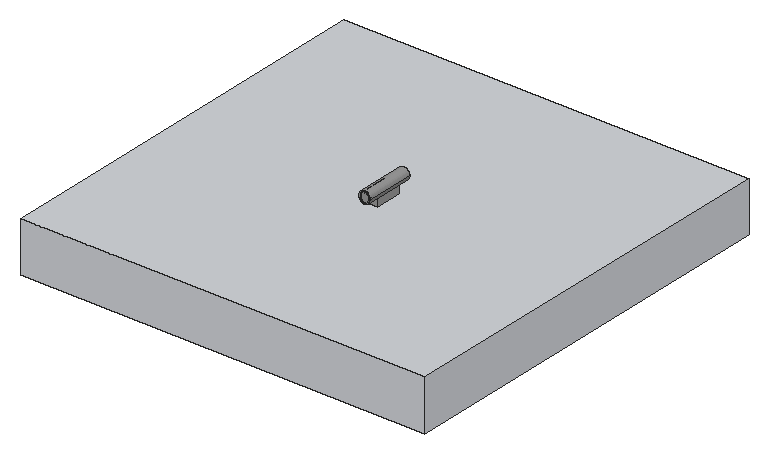
Revit family "LAMP_LUP WALL 70 DIRECT", category Luminarias, Revit 2018 (continued)
Parameters (values of type "665LM 3000 ASYM BLACK")
    0 \r\n0.00 0.00 0.00 0.00 0.00 0.00 0.00 0.00 0.00 0.00 0.00 \r\n0.00 0.00 0.00 0.00 0.00 0.00 0.00 0.00 0.00 0.00 0.00 \r\n455.10 414.94 378.75 342.63 307.46 274.89 245.84 218.98 \r\n194.78 173.49 154.02 136.20 120.00 106.12 93.46 81.88 \r\n69.36 57.87 47.58 39.34 32.85 27.97 23.07 18.84 15.28 \r\n12.77 10.76 9.28 8.30 7.34 6.38 5.43 4.63 3.98 3.42 2.92 \r\n2.46 2.11 1.82 1.56 1.28 0.95 0.59 0.32 0.17 0.00 0.00 \r\n0.00 0.00 0.00 0.00 0.00 0.00 0.00 0.00 0.00 0.00 0.00 \r\n0.00 0.00 0.00 0.00 0.00 0.00 0.00 0.00 0.00 0.00 0.00 \r\n0.00 0.00 0.00 0.00 0.00 0.00 0.00 0.00 0.00 0.00 0.00 \r\n0.00 0.00 0.00 0.00 0.00 0.00 0.00 0.00 0.00 0.00 0.00 \r\n455.10 411.86 372.96 334.86 297.56 263.30 232.58 204.60 \r\n179.43 157.30 137.51 119.93 104.39 92.20 81.48 71.92 \r\n61.81 52.47 44.18 37.26 31.58 27.05 22.40 18.37 15.00 \r\n12.54 10.60 9.14 8.19 7.24 6.27 5.34 4.56 3.92 3.38 2.88 \r\n2.44 2.10 1.82 1.57 1.30 0.96 0.60 0.32 0.16 0.00 0.00 \r\n0.00 0.00 0.00 0.00 0.00 0.00 0.00 0.00 0.00 0.00 0.00 \r\n0.00 0.00 0.00 0.00 0.00 0.00 0.00 0.00 0.00 0.00 0.00 \r\n0.00 0.00 0.00 0.00 0.00 0.00 0.00 0.00 0.00 0.00 0.00 \r\n0.00 0.00 0.00 0.00 0.00 0.00 0.00 0.00 0.00 0.00 0.00 \r\n455.10 408.83 367.33 327.16 287.82 251.83 219.38 190.15 \r\n164.08 141.12 121.05 103.41 88.66 78.20 69.45 61.78 54.09 \r\n47.09 40.77 35.15 30.30 26.14 21.73 17.90 14.71 12.32 \r\n10.43 9.00 8.08 7.13 6.15 5.24 4.49 3.88 3.34 2.84 2.41 \r\n2.09 1.83 1.59 1.31 0.97 0.60 0.32 0.16 0.00 0.00 0.00 \r\n0.00 0.00 0.00 0.00 0.00 0.00 0.00 0.00 0.00 0.00 0.00 \r\n0.00 0.00 0.00 0.00 0.00 0.00 0.00 0.00 0.00 0.00 0.00 \r\n0.00 0.00 0.00 0.00 0.00 0.00 0.00 0.00 0.00 0.00 0.00 \r\n0.00 0.00 0.00 0.00 0.00 0.00 0.00 0.00 0.00 0.00 \r\n455.10 405.84 362.02 319.55 278.26 240.51 206.54 176.46 \r\n149.42 125.26 104.52 86.85 72.52 64.39 57.56 51.83 46.54 \r\n41.69 37.32 33.06 29.03 25.22 21.06 17.43 14.41 12.09 \r\n10.26 8.90 7.97 7.03 6.04 5.15 4.41 3.82 3.29 2.81 2.38 \r\n2.08 1.83 1.61 1.33 0.99 0.60 0.32 0.17 0.00 0.00 0.00 \r\n0.00 0.00 0.00 0.00 0.00 0.00 0.00 0.00 0.00 0.00 0.00 \r\n0.00 0.00 0.00 0.00 0.00 0.00 0.00 0.00 0.00 0.00 0.00 \r\n0.00 0.00 0.00 0.00 0.00 0.00 0.00 0.00 0.00 0.00 0.00 \r\n0.00 0.00 0.00 0.00 0.00 0.00 0.00 0.00 0.00 0.00 \r\n455.10 402.91 356.79 312.43 268.95 229.36 194.20 163.44 \r\n135.89 111.90 91.67 74.60 60.81 53.34 47.70 43.15 39.85 \r\n37.10 34.34 31.05 27.86 24.33 20.44 16.99 14.12 11.88 \r\n10.10 8.77 7.85 6.92 5.93 5.06 4.34 3.77 3.25 2.77 2.36 \r\n2.07 1.84 1.63 1.35 0.99 0.60 0.32 0.17 0.00 0.00 0.00 \r\n0.00 0.00 0.00 0.00 0.00 0.00 0.00 0.00 0.00 0.00 0.00 \r\n0.00 0.00 0.00 0.00 0.00 0.00 0.00 0.00 0.00 0.00 0.00 \r\n0.00 0.00 0.00 0.00 0.00 0.00 0.00 0.00 0.00 0.00 0.00 \r\n0.00 0.00 0.00 0.00 0.00 0.00 0.00 0.00 0.00 0.00 \r\n455.10 399.99 351.66 305.58 260.38 219.38 183.23 151.71 \r\n124.01 101.00 82.60 67.24 55.54 49.55 45.02 41.24 38.31 \r\n35.64 33.17 30.29 27.19 23.86 20.08 16.76 13.97 11.75 \r\n9.96 8.61 7.71 6.80 5.85 5.00 4.29 3.73 3.20 2.74 2.35 \r\n2.08 1.86 1.65 1.36 1.00 0.60 0.32 0.17 0.00 0.00 0.00 \r\n0.00 0.00 0.00 0.00 0.00 0.00 0.00 0.00 0.00 0.00 0.00 \r\n0.00 0.00 0.00 0.00 0.00 0.00 0.00 0.00 0.00 0.00 0.00 \r\n0.00 0.00 0.00 0.00 0.00 0.00 0.00 0.00 0.00 0.00 0.00 \r\n0.00 0.00 0.00 0.00 0.00 0.00 0.00 0.00 0.00 0.00 \r\n455.10 397.12 346.62 298.80 252.00 210.03 173.46 141.66 \r\n114.88 93.45 77.09 63.97 53.46 48.57 44.38 40.74 37.74 \r\n35.01 32.46 29.63 26.61 23.41 19.77 16.55 13.84 11.64 \r\n9.84 8.46 7.56 6.67 5.76 4.94 4.25 3.67 3.16 2.72 2.34 \r\n2.10 1.87 1.66 1.37 1.01 0.60 0.32 0.16 0.00 0.00 0.00 \r\n0.00 0.00 0.00 0.00 0.00 0.00 0.00 0.00 0.00 0.00 0.00 \r\n0.00 0.00 0.00 0.00 0.00 0.00 0.00 0.00 0.00 0.00 0.00 \r\n0.00 0.00 0.00 0.00 0.00 0.00 0.00 0.00 0.00 0.00 0.00 \r\n0.00 0.00 0.00 0.00 0.00 0.00 0.00 0.00 0.00 0.00 \r\n455.10 394.33 341.69 292.09 243.80 200.70 163.52 131.56 \r\n105.59 85.34 71.71 60.75 52.22 47.63 43.76 40.18 37.16 \r\n34.38 31.76 28.97 26.04 22.98 19.45 16.34 13.70 11.52 \r\n9.71 8.31 7.41 6.55 5.68 4.88 4.20 3.62 3.12 2.69 2.35 \r\n2.12 1.90 1.68 1.39 1.02 0.59 0.32 0.16 0.00 0.00 0.00 \r\n0.00 0.00 0.00 0.00 0.00 0.00 0.00 0.00 0.00 0.00 0.00 \r\n0.00 0.00 0.00 0.00 0.00 0.00 0.00 0.00 0.00 0.00 0.00 \r\n0.00 0.00 0.00 0.00 0.00 0.00 0.00 0.00 0.00 0.00 0.00 \r\n0.00 0.00 0.00 0.00 0.00 0.00 0.00 0.00 0.00 0.00 \r\n455.10 391.61 336.87 285.47 235.81 191.41 153.53 121.69 \r\n96.36 77.82 66.38 57.26 50.48 46.69 43.13 39.64 36.59 \r\n33.74 31.05 28.31 25.48 22.53 19.14 16.14 13.57 11.40 \r\n9.58 8.15 7.26 6.42 5.59 4.82 4.15 3.58 3.07 2.66 2.35 \r\n2.13 1.92 1.71 1.40 1.03 0.60 0.32 0.16 0.00 0.00 0.00 \r\n0.00 0.00 0.00 0.00 0.00 0.00 0.00 0.00 0.00 0.00 0.00 \r\n0.00 0.00 0.00 0.00 0.00 0.00 0.00 0.00 0.00 0.00 0.00 \r\n0.00 0.00 0.00 0.00 0.00 0.00 0.00 0.00 0.00 0.00 0.00 \r\n0.00 0.00 0.00 0.00 0.00 0.00 0.00 0.00 0.00 0.00 \r\n455.10 388.98 332.16 278.93 227.69 182.34 144.03 111.97 \r\n86.92 69.41 60.76 54.27 48.90 45.72 42.52 39.09 36.02 \r\n33.11 30.35 27.65 24.91 22.08 18.83 15.93 13.43 11.28 \r\n9.46 7.98 7.11 6.30 5.50 4.77 4.11 3.53 3.03 2.64 2.36 \r\n2.15 1.94 1.72 1.41 1.04 0.61 0.32 0.16 0.00 0.00 0.00 \r\n0.00 0.00 0.00 0.00 0.00 0.00 0.00 0.00 0.00 0.00 0.00 \r\n0.00 0.00 0.00 0.00 0.00 0.00 0.00 0.00 0.00 0.00 0.00 \r\n0.00 0.00 0.00 0.00 0.00 0.00 0.00 0.00 0.00 0.00 0.00 \r\n0.00 0.00 0.00 0.00 0.00 0.00 0.00 0.00 0.00 0.00 \r\n455.10 386.43 327.57 272.53 219.76 173.43 134.21 101.77 \r\n77.65 62.19 55.72 50.62 47.35 44.76 41.89 38.54 35.44 \r\n32.48 29.64 26.99 24.33 21.63 18.51 15.72 13.31 11.16 \r\n9.33 7.85 6.96 6.17 5.42 4.71 4.05 3.48 2.99 2.62 2.36 \r\n2.17 1.96 1.74 1.42 1.04 0.61 0.32 0.16 0.00 0.00 0.00 \r\n0.00 0.00 0.00 0.00 0.00 0.00 0.00 0.00 0.00 0.00 0.00 \r\n0.00 0.00 0.00 0.00 0.00 0.00 0.00 0.00 0.00 0.00 0.00 \r\n0.00 0.00 0.00 0.00 0.00 0.00 0.00 0.00 0.00 0.00 0.00 \r\n0.00 0.00 0.00 0.00 0.00 0.00 0.00 0.00 0.00 0.00 \r\n455.10 383.97 323.10 266.75 212.41 164.88 124.07 92.58 \r\n69.38 54.00 50.19 47.68 45.55 43.86 41.26 38.00 34.87 \r\n31.84 28.94 26.33 23.77 21.18 18.19 15.51 13.17 11.04 \r\n9.20 7.67 6.82 6.05 5.33 4.65 4.01 3.44 2.94 2.59 2.36 \r\n2.18 1.99 1.75 1.44 1.05 0.60 0.32 0.16 0.00 0.00 0.00 \r\n0.00 0.00 0.00 0.00 0.00 0.00 0.00 0.00 0.00 0.00 0.00 \r\n0.00 0.00 0.00 0.00 0.00 0.00 0.00 0.00 0.00 0.00 0.00 \r\n0.00 0.00 0.00 0.00 0.00 0.00 0.00 0.00 0.00 0.00 0.00 \r\n0.00 0.00 0.00 0.00 0.00 0.00 0.00 0.00 0.00 0.00 \r\n455.10 381.61 318.86 261.29 205.62 157.08 116.41 85.79 \r\n63.23 49.58 47.43 45.74 44.78 43.27 40.84 37.56 34.38 \r\n31.30 28.35 25.78 23.28 20.80 17.90 15.30 13.01 10.91 \r\n9.09 7.57 6.73 5.98 5.28 4.60 3.96 3.40 2.92 2.59 2.37 \r\n2.20 2.01 1.77 1.45 1.05 0.61 0.32 0.16 0.00 0.00 0.00 \r\n0.00 0.00 0.00 0.00 0.00 0.00 0.00 0.00 0.00 0.00 0.00 \r\n0.00 0.00 0.00 0.00 0.00 0.00 0.00 0.00 0.00 0.00 0.00 \r\n0.00 0.00 0.00 0.00 0.00 0.00 0.00 0.00 0.00 0.00 0.00 \r\n0.00 0.00 0.00 0.00 0.00 0.00 0.00 0.00 0.00 0.00 \r\n455.10 379.34 315.12 256.17 199.41 150.28 110.96 80.64 \r\n60.06 49.11 46.61 45.54 44.67 43.10 40.60 37.22 33.96 \r\n30.83 27.86 25.34 22.90 20.48 17.65 15.07 12.82 10.76 \r\n8.98 7.54 6.70 5.95 5.24 4.55 3.92 3.37 2.93 2.61 2.39 \r\n2.22 2.02 1.78 1.45 1.05 0.61 0.33 0.16 0.00 0.00 0.00 \r\n0.00 0.00 0.00 0.00 0.00 0.00 0.00 0.00 0.00 0.00 0.00 \r\n0.00 0.00 0.00 0.00 0.00 0.00 0.00 0.00 0.00 0.00 0.00 \r\n0.00 0.00 0.00 0.00 0.00 0.00 0.00 0.00 0.00 0.00 0.00 \r\n0.00 0.00 0.00 0.00 0.00 0.00 0.00 0.00 0.00 0.00 \r\n455.10 377.17 311.53 251.22 193.79 144.65 105.08 76.06 \r\n57.52 47.59 46.19 45.29 44.55 42.94 40.36 36.89 33.56 \r\n30.37 27.38 24.89 22.51 20.16 17.38 14.85 12.62 10.61 \r\n8.89 7.48 6.67 5.93 5.22 4.50 3.88 3.36 2.94 2.63 2.41 \r\n2.24 2.03 1.79 1.46 1.05 0.61 0.33 0.16 0.00 0.00 0.00 \r\n0.00 0.00 0.00 0.00 0.00 0.00 0.00 0.00 0.00 0.00 0.00 \r\n0.00 0.00 0.00 0.00 0.00 0.00 0.00 0.00 0.00 0.00 0.00 \r\n0.00 0.00 0.00 0.00 0.00 0.00 0.00 0.00 0.00 0.00 0.00 \r\n0.00 0.00 0.00 0.00 0.00 0.00 0.00 0.00 0.00 0.00 \r\n455.10 375.10 308.11 246.37 187.98 138.91 98.76 72.30 \r\n54.90 47.14 45.70 45.10 44.49 42.78 40.11 36.56 33.14 \r\n29.91 26.87 24.45 22.12 19.85 17.12 14.63 12.44 10.46 \r\n8.78 7.44 6.64 5.91 5.19 4.45 3.83 3.33 2.95 2.66 2.44 \r\n2.25 2.04 1.80 1.46 1.05 0.60 0.33 0.16 0.00 0.00 0.00 \r\n0.00 0.00 0.00 0.00 0.00 0.00 0.00 0.00 0.00 0.00 0.00 \r\n0.00 0.00 0.00 0.00 0.00 0.00 0.00 0.00 0.00 0.00 0.00 \r\n0.00 0.00 0.00 0.00 0.00 0.00 0.00 0.00 0.00 0.00 0.00 \r\n0.00 0.00 0.00 0.00 0.00 0.00 0.00 0.00 0.00 0.00 \r\n455.10 373.13 304.84 241.63 182.40 132.71 93.05 68.06 \r\n52.46 46.35 45.25 44.86 44.33 42.63 39.87 36.22 32.73 \r\n29.45 26.40 24.00 21.74 19.54 16.85 14.41 12.25 10.32 \r\n8.68 7.39 6.61 5.88 5.16 4.41 3.79 3.30 2.96 2.68 2.46 \r\n2.27 2.06 1.80 1.46 1.05 0.60 0.33 0.16 0.00 0.00 0.00 \r\n0.00 0.00 0.00 0.00 0.00 0.00 0.00 0.00 0.00 0.00 0.00 \r\n0.00 0.00 0.00 0.00 0.00 0.00 0.00 0.00 0.00 0.00 0.00 \r\n0.00 0.00 0.00 0.00 0.00 0.00 0.00 0.00 0.00 0.00 0.00 \r\n0.00 0.00 0.00 0.00 0.00 0.00 0.00 0.00 0.00 0.00 \r\n455.10 371.26 301.74 237.00 177.12 126.68 88.06 63.51 \r\n49.90 45.04 44.77 44.65 44.33 42.47 39.64 35.90 32.32 \r\n28.99 25.94 23.56 21.35 19.20 16.58 14.19 12.06 10.16 \r\n8.58 7.33 6.58 5.86 5.13 4.36 3.74 3.29 2.97 2.70 2.48 \r\n2.29 2.07 1.82 1.47 1.05 0.60 0.33 0.17 0.00 0.00 0.00 \r\n0.00 0.00 0.00 0.00 0.00 0.00 0.00 0.00 0.00 0.00 0.00 \r\n0.00 0.00 0.00 0.00 0.00 0.00 0.00 0.00 0.00 0.00 0.00 \r\n0.00 0.00 0.00 0.00 0.00 0.00 0.00 0.00 0.00 0.00 0.00 \r\n0.00 0.00 0.00 0.00 0.00 0.00 0.00 0.00 0.00 0.00 \r\n455.10 369.51 298.81 232.49 172.12 120.85 82.72 59.52 \r\n47.55 44.34 44.30 44.43 44.10 42.31 39.39 35.55 31.90 \r\n28.52 25.45 23.12 20.95 18.89 16.32 13.96 11.87 10.01 \r\n8.48 7.29 6.56 5.84 5.10 4.32 3.70 3.27 2.98 2.73 2.50 \r\n2.30 2.09 1.84 1.47 1.05 0.61 0.33 0.17 0.00 0.00 0.00 \r\n0.00 0.00 0.00 0.00 0.00 0.00 0.00 0.00 0.00 0.00 0.00 \r\n0.00 0.00 0.00 0.00 0.00 0.00 0.00 0.00 0.00 0.00 0.00 \r\n0.00 0.00 0.00 0.00 0.00 0.00 0.00 0.00 0.00 0.00 0.00 \r\n0.00 0.00 0.00 0.00 0.00 0.00 0.00 0.00 0.00 0.00 \r\n455.10 367.90 296.05 228.42 167.44 116.17 77.81 56.70 \r\n45.78 43.72 43.99 44.26 44.03 42.15 39.16 35.24 31.52 \r\n28.09 24.97 22.69 20.59 18.57 16.07 13.75 11.68 9.87 8.38 \r\n7.25 6.52 5.82 5.07 4.26 3.66 3.25 2.99 2.75 2.53 2.32 \r\n2.09 1.84 1.48 1.06 0.62 0.33 0.17 0.00 0.00 0.00 0.00 \r\n0.00 0.00 0.00 0.00 0.00 0.00 0.00 0.00 0.00 0.00 0.00 \r\n0.00 0.00 0.00 0.00 0.00 0.00 0.00 0.00 0.00 0.00 0.00 \r\n0.00 0.00 0.00 0.00 0.00 0.00 0.00 0.00 0.00 0.00 0.00 \r\n0.00 0.00 0.00 0.00 0.00 0.00 0.00 0.00 0.00 \r\n455.10 366.45 293.46 224.91 163.27 112.42 73.62 54.69 \r\n44.84 43.23 43.83 44.19 44.02 42.02 38.96 34.98 31.22 \r\n27.77 24.69 22.42 20.35 18.37 15.87 13.60 11.58 9.81 8.35 \r\n7.23 6.51 5.79 5.03 4.24 3.65 3.26 3.00 2.77 2.54 2.33 \r\n2.10 1.85 1.48 1.06 0.62 0.33 0.17 0.00 0.00 0.00 0.00 \r\n0.00 0.00 0.00 0.00 0.00 0.00 0.00 0.00 0.00 0.00 0.00 \r\n0.00 0.00 0.00 0.00 0.00 0.00 0.00 0.00 0.00 0.00 0.00 \r\n0.00 0.00 0.00 0.00 0.00 0.00 0.00 0.00 0.00 0.00 0.00 \r\n0.00 0.00 0.00 0.00 0.00 0.00 0.00 0.00 0.00 \r\n455.10 365.10 291.05 221.78 159.48 109.04 70.36 53.34 \r\n44.43 43.11 43.81 44.17 43.84 41.88 38.78 34.78 30.96 \r\n27.48 24.39 22.17 20.12 18.17 15.69 13.45 11.50 9.76 8.33 \r\n7.19 6.50 5.76 4.98 4.22 3.65 3.28 3.01 2.78 2.55 2.34 \r\n2.11 1.86 1.48 1.06 0.61 0.32 0.17 0.00 0.00 0.00 0.00 \r\n0.00 0.00 0.00 0.00 0.00 0.00 0.00 0.00 0.00 0.00 0.00 \r\n0.00 0.00 0.00 0.00 0.00 0.00 0.00 0.00 0.00 0.00 0.00 \r\n0.00 0.00 0.00 0.00 0.00 0.00 0.00 0.00 0.00 0.00 0.00 \r\n0.00 0.00 0.00 0.00 0.00 0.00 0.00 0.00 0.00 \r\n455.10 363.83 288.77 218.80 156.07 106.01 68.74 51.98 \r\n44.19 43.15 43.80 44.16 43.84 41.74 38.59 34.54 30.67 \r\n27.19 24.13 21.91 19.89 17.95 15.51 13.31 11.40 9.71 8.31 \r\n7.19 6.48 5.74 4.94 4.19 3.64 3.28 3.03 2.79 2.57 2.35 \r\n2.13 1.88 1.49 1.05 0.60 0.32 0.16 0.00 0.00 0.00 0.00 \r\n0.00 0.00 0.00 0.00 0.00 0.00 0.00 0.00 0.00 0.00 0.00 \r\n0.00 0.00 0.00 0.00 0.00 0.00 0.00 0.00 0.00 0.00 0.00 \r\n0.00 0.00 0.00 0.00 0.00 0.00 0.00 0.00 0.00 0.00 0.00 \r\n0.00 0.00 0.00 0.00 0.00 0.00 0.00 0.00 0.00 \r\n455.10 362.67 286.64 215.98 153.05 102.71 67.06 51.02 \r\n43.98 43.09 43.78 44.14 43.82 41.61 38.39 34.33 30.41 \r\n26.89 23.83 21.66 19.66 17.74 15.33 13.17 11.31 9.66 8.28 \r\n7.19 6.46 5.71 4.90 4.17 3.64 3.30 3.05 2.81 2.59 2.37 \r\n2.14 1.89 1.49 1.05 0.60 0.32 0.16 0.00 0.00 0.00 0.00 \r\n0.00 0.00 0.00 0.00 0.00 0.00 0.00 0.00 0.00 0.00 0.00 \r\n0.00 0.00 0.00 0.00 0.00 0.00 0.00 0.00 0.00 0.00 0.00 \r\n0.00 0.00 0.00 0.00 0.00 0.00 0.00 0.00 0.00 0.00 0.00 \r\n0.00 0.00 0.00 0.00 0.00 0.00 0.00 0.00 0.00 \r\n455.10 361.60 284.69 213.34 150.12 99.42 65.16 50.01 \r\n43.73 42.97 43.77 44.12 43.63 41.48 38.22 34.11 30.13 \r\n26.60 23.58 21.41 19.44 17.54 15.15 13.03 11.22 9.62 8.26 \r\n7.16 6.45 5.68 4.86 4.14 3.63 3.31 3.06 2.83 2.60 2.38 \r\n2.15 1.89 1.50 1.05 0.59 0.32 0.16 0.00 0.00 0.00 0.00 \r\n0.00 0.00 0.00 0.00 0.00 0.00 0.00 0.00 0.00 0.00 0.00 \r\n0.00 0.00 0.00 0.00 0.00 0.00 0.00 0.00 0.00 0.00 0.00 \r\n0.00 0.00 0.00 0.00 0.00 0.00 0.00 0.00 0.00 0.00 0.00 \r\n0.00 0.00 0.00 0.00 0.00 0.00 0.00 0.00 0.00 \r\n455.10 360.64 282.91 210.87 147.14 96.41 62.80 48.96 \r\n43.51 42.81 43.76 44.11 43.58 41.34 38.03 33.86 29.86 \r\n26.32 23.23 21.16 19.21 17.33 14.96 12.89 11.13 9.57 8.23 \r\n7.16 6.43 5.65 4.81 4.12 3.63 3.32 3.08 2.84 2.62 2.39 \r\n2.16 1.89 1.50 1.05 0.58 0.32 0.16 0.00 0.00 0.00 0.00 \r\n0.00 0.00 0.00 0.00 0.00 0.00 0.00 0.00 0.00 0.00 0.00 \r\n0.00 0.00 0.00 0.00 0.00 0.00 0.00 0.00 0.00 0.00 0.00 \r\n0.00 0.00 0.00 0.00 0.00 0.00 0.00 0.00 0.00 0.00 0.00 \r\n0.00 0.00 0.00 0.00 0.00 0.00 0.00 0.00 0.00 \r\n455.10 359.76 281.32 208.65 144.54 93.85 60.24 48.15 \r\n43.29 42.76 43.74 44.10 43.61 41.20 37.84 33.65 29.59 \r\n26.02 23.02 20.90 18.98 17.13 14.79 12.75 11.05 9.52 8.22 \r\n7.15 6.41 5.63 4.78 4.10 3.62 3.34 3.09 2.86 2.63 2.40 \r\n2.17 1.90 1.50 1.05 0.58 0.32 0.16 0.00 0.00 0.00 0.00 \r\n0.00 0.00 0.00 0.00 0.00 0.00 0.00 0.00 0.00 0.00 0.00 \r\n0.00 0.00 0.00 0.00 0.00 0.00 0.00 0.00 0.00 0.00 0.00 \r\n0.00 0.00 0.00 0.00 0.00 0.00 0.00 0.00 0.00 0.00 0.00 \r\n0.00 0.00 0.00 0.00 0.00 0.00 0.00 0.00 0.00 \r\n455.10 358.96 279.90 206.77 142.29 92.18 57.75 47.54 \r\n43.12 42.78 43.72 44.06 43.57 41.09 37.70 33.49 29.40 \r\n25.81 22.81 20.73 18.82 16.98 14.65 12.64 10.98 9.49 8.20 \r\n7.12 6.40 5.60 4.74 4.09 3.62 3.34 3.10 2.86 2.64 2.41 \r\n2.18 1.91 1.50 1.05 0.58 0.32 0.16 0.00 0.00 0.00 0.00 \r\n0.00 0.00 0.00 0.00 0.00 0.00 0.00 0.00 0.00 0.00 0.00 \r\n0.00 0.00 0.00 0.00 0.00 0.00 0.00 0.00 0.00 0.00 0.00 \r\n0.00 0.00 0.00 0.00 0.00 0.00 0.00 0.00 0.00 0.00 0.00 \r\n0.00 0.00 0.00 0.00 0.00 0.00 0.00 0.00 0.00 \r\n455.10 358.27 278.68 205.17 140.42 90.87 56.11 47.11 \r\n43.04 42.79 43.70 44.02 43.39 40.99 37.60 33.37 29.27 \r\n25.70 22.64 20.62 18.72 16.87 14.57 12.57 10.95 9.47 8.19 \r\n7.13 6.38 5.58 4.70 4.07 3.62 3.35 3.10 2.87 2.64 2.41 \r\n2.17 1.90 1.50 1.05 0.58 0.31 0.16 0.00 0.00 0.00 0.00 \r\n0.00 0.00 0.00 0.00 0.00 0.00 0.00 0.00 0.00 0.00 0.00 \r\n0.00 0.00 0.00 0.00 0.00 0.00 0.00 0.00 0.00 0.00 0.00 \r\n0.00 0.00 0.00 0.00 0.00 0.00 0.00 0.00 0.00 0.00 0.00 \r\n0.00 0.00 0.00 0.00 0.00 0.00 0.00 0.00 0.00 \r\n455.10 357.67 277.64 203.84 138.93 89.85 54.76 46.79 \r\n42.98 42.78 43.68 43.98 43.27 40.91 37.49 33.26 29.16 \r\n25.58 22.60 20.52 18.62 16.78 14.48 12.51 10.91 9.45 8.18 \r\n7.12 6.36 5.56 4.68 4.06 3.62 3.35 3.10 2.87 2.64 2.41 \r\n2.17 1.90 1.49 1.04 0.58 0.31 0.16 0.00 0.00 0.00 0.00 \r\n0.00 0.00 0.00 0.00 0.00 0.00 0.00 0.00 0.00 0.00 0.00 \r\n0.00 0.00 0.00 0.00 0.00 0.00 0.00 0.00 0.00 0.00 0.00 \r\n0.00 0.00 0.00 0.00 0.00 0.00 0.00 0.00 0.00 0.00 0.00 \r\n0.00 0.00 0.00 0.00 0.00 0.00 0.00 0.00 0.00 \r\n455.10 357.19 276.79 202.78 137.76 88.73 53.94 46.55 \r\n42.90 42.75 43.66 43.94 43.19 40.82 37.39 33.15 29.05 \r\n25.46 22.51 20.42 18.51 16.69 14.40 12.45 10.87 9.44 8.17 \r\n7.10 6.35 5.54 4.66 4.05 3.62 3.35 3.11 2.87 2.64 2.41 \r\n2.17 1.89 1.49 1.03 0.57 0.30 0.16 0.00 0.00 0.00 0.00 \r\n0.00 0.00 0.00 0.00 0.00 0.00 0.00 0.00 0.00 0.00 0.00 \r\n0.00 0.00 0.00 0.00 0.00 0.00 0.00 0.00 0.00 0.00 0.00 \r\n0.00 0.00 0.00 0.00 0.00 0.00 0.00 0.00 0.00 0.00 0.00 \r\n0.00 0.00 0.00 0.00 0.00 0.00 0.00 0.00 0.00 \r\n455.10 356.81 276.12 202.01 136.89 87.80 53.84 46.31 \r\n42.84 42.72 43.63 43.90 43.14 40.73 37.28 33.05 28.93 \r\n25.34 22.40 20.31 18.41 16.59 14.31 12.39 10.85 9.42 8.16 \r\n7.07 6.33 5.51 4.64 
